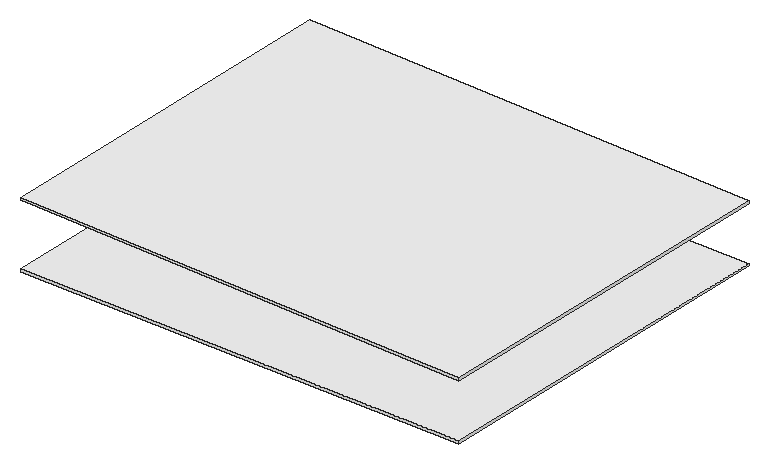
Revit family "CT_Pilotis_Laje_Dupla_Lisa_Con", category Structural Framing, Revit 2025
Family settings
  Display in Hidden Views = Edges Hidden by Other Members
  Structural Framing Length Roundoff = 0.000 m
  Section Shape = Not Defined
  Material for Model Behavior = Concrete
  Always export as geometry = No
  OmniClass Number = 23.25.30.11.14.14
  OmniClass Title = Beams
  Always vertical = Yes
  Cut with Voids When Loaded = No
  Symbolic Representation = From Family
  Shared = No
  Show family pre-cut in plan views = Yes
Parameters (values of type "LAJ_012x130_PLT_CON_DUP_COB")
  Structural Material [instance] = CT_Concreto
  Modulo_Inferior [instance] = 7.380 m
  Modulo_Superior [instance] = 7.300 m
  Material_Laje_Superior = CT_Concreto
  Material_Laje_Inferior = CT_Concreto
  H2 [instance] = 1.140 m
  Assembly Code = ""
  Length [instance] = 8.950 m
  b = 0.120 m
  h = 1.300 m
Reference planes (m)
  plane 1 "Center (Front/Back)": y = 0
  plane 2: z = 0
  plane 3 "Center (Left/Right)": x = 5.20261
  plane 4: z = 1.3
  plane 5 "Left": x = 0.72761
  plane 6 "Right": x = 9.67761
  plane 7: z = 1.14
  plane 8: y = 7.38
  plane 9: y = 3.69
Forms (m)
  Extrusion 1, solid, material "CT_Concreto" <- "Material_Laje_Inferior"
    sketch origin (0, 0, -0.05) x (1, 0, 0) y (0, 0, 1)
      loop
        line (0.72761, 0) -> (9.67761, 0) -> (9.67761, 0.05) -> (0.72761, 0.05) -> (0.72761, 0)
    from -7.38 to 0
  Extrusion 2, solid, material "CT_Concreto" <- "Material_Laje_Superior"
    sketch origin (0, 0, -0.05) x (1, 0, 0) y (0, 0, 1)
      loop
        line (0.72761, 1.35) -> (0.72761, 1.299992) -> (9.67761, 1.139992) -> (9.67761, 1.19) -> (0.72761, 1.35)
    from -7.38 to 0
Dimensions and locks (m)
  plane 2 to plane 4 = 1.300 m
  "Length": plane 5 "Left" to plane 6 "Right"
  "h": plane 4 to plane 2
  "H2": plane 7 to level
  Extrusion 1 to Extrusion 1 = 7.380 m  (x2)
  equal spacing: plane 8, plane 9, plane 1 "Center (Front/Back)"
  "Modulo_Inferior": plane 8 to plane 1 "Center (Front/Back)"
  Extrusion 1 to plane 9 to Extrusion 1 = 3.690 m, 3.690 m
  aligned and locked: plane 6 "Right" to Extrusion 1 sketch curve
  aligned and locked: Extrusion 1 sketch curve to plane 5 "Left"
  aligned and locked: plane 1 "Center (Front/Back)" to Extrusion 1
  aligned and locked: Extrusion 1 to plane 8
  aligned and locked: Extrusion 1 to level
  aligned and locked: Extrusion 1 to plane 6 "Right"
  aligned and locked: Extrusion 2 to plane 6 "Right"
  aligned and locked: plane 5 "Left" to Extrusion 2
  aligned and locked: plane 5 "Left" to Extrusion 1
  aligned and locked: Extrusion 1 to plane 1 "Center (Front/Back)"
  aligned and locked: plane 1 "Center (Front/Back)" to Extrusion 2
  aligned and locked: Extrusion 2 to plane 8
  aligned and locked: plane 8 to Extrusion 1
Automatic sketch dimensions
  Extrusion 1 sketch curve to level = 0.000 m
  Extrusion 1 sketch curve to level = 0.050 m
  Extrusion 2 sketch curve to plane 6 "Right" = 0.000 m
  plane 4 to Extrusion 2 sketch curve = 0.210008 m
  Extrusion 2 sketch curve to Extrusion 2 sketch curve = 0.050008 m  (x2)
  plane 4 to Extrusion 2 sketch curve = 0.050008 m
  plane 5 "Left" to Extrusion 2 sketch curve = 0.000 m
